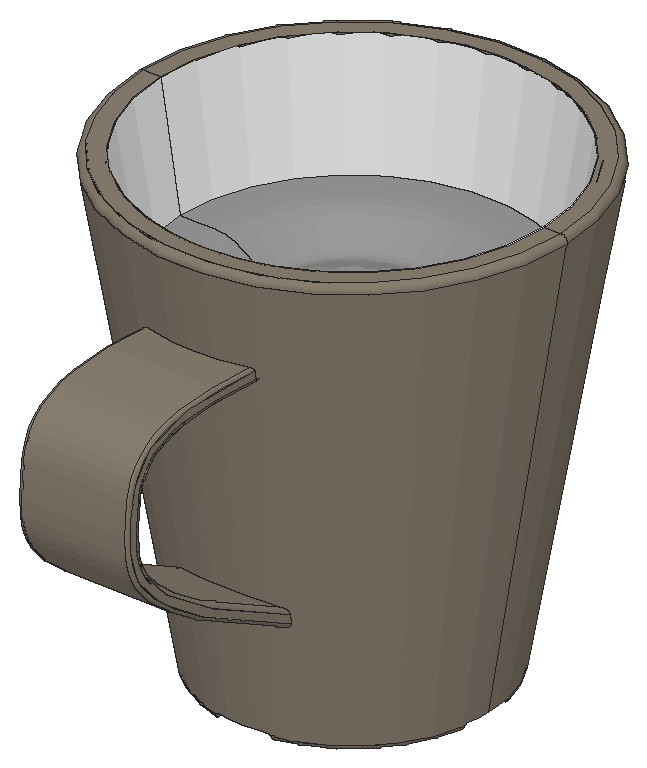
Revit family "Mug", category Generic Models, Revit 2014
Parameters
  Material = Brown Cup
  Liquid Visible = yes
Reference planes (in)
  plane 1 "Center (Front/Back)": y = 0
  plane 2: z = 0
  plane 3 "Center (Left/Right)": x = 0
Forms (in)
  Revolve 1, solid, material "Brown Cup" <- "Material"
    sketch origin (0, 0, 0) x (1, 0, 0) y (0, 0, 1)
      loop
        line (0, 0) -> (0, 3.5) -> (-1.58674, 3.5)
        arc (-1.58674, 3.5) -> (-1.6243, 3.48249) -> (-1.63506, 3.44246) r 0.04906
        line (-1.63506, 3.44246) -> (-1.03743, 0.0347)
        arc (-1.03743, 0.0347) -> (-1.0231, 0.00983) -> (-0.99612, 0) r 0.04194
        line (-0.99612, 0) -> (0, 0)
      axis (0, 3.5) -> (0, 0)
    angle from 0 to 360
  Revolve 2, void
    sketch origin (0, 0, 0) x (1, 0, 0) y (0, 0, 1)
      loop
        line (0, 0.19258) -> (0, 3.62319) -> (-1.28983, 3.62319)
        arc (-1.28983, 3.62319) -> (-1.42554, 3.56023) -> (-1.46509, 3.41594) r 0.17774
        line (-1.46509, 3.41594) -> (-0.93303, 0.25675)
        arc (-0.93303, 0.25675) -> (-0.90684, 0.21077) -> (-0.85715, 0.19258) r 0.07695
        line (-0.85715, 0.19258) -> (0, 0.19258)
      axis (0, 3.62319) -> (0, 0.19258)
    angle from 0 to 360
  Sweep 3, solid, material "Brown Cup" <- "Material"
    path origin (0, 0, 0) x (0, 1, 0) y (0, 0, 1)
      loop
        spline (-1.39616, 2.77612) -> (-1.94696, 2.80103) -> (-2.29894, 2.74912) -> (-2.49741, 2.64022) -> (-2.58771, 2.49416) -> (-2.61515, 2.33077) -> (-2.62286, 2.16902) -> (-2.6131, 2.01227) -> (-2.55234, 1.85012) -> (-2.4058, 1.67175) -> (-2.13872, 1.46629) -> (-1.71634, 1.2229) -> (-1.10389, 0.93075)
    profile origin (0, -2.62286, 2.16902) x (0, 0.999652, -0.02638) y (1, 0, 0)
      loop
        arc (-0.0363, -0.38729) -> (-0.02922, -0.40437) -> (-0.01214, -0.41144) r 0.02415
        line (-0.01214, -0.41144) -> (0.0479, -0.41144)
        arc (0.0479, -0.41144) -> (0.0677, -0.40324) -> (0.07589, -0.38345) r 0.02799
        line (0.07589, -0.38345) -> (0.07589, 0.39248)
        arc (0.07589, 0.39248) -> (0.06698, 0.414) -> (0.04546, 0.42291) r 0.03043
        line (0.04546, 0.42291) -> (-0.01336, 0.42291)
        arc (-0.01336, 0.42291) -> (-0.02958, 0.41619) -> (-0.0363, 0.39997) r 0.02294
        line (-0.0363, 0.39997) -> (-0.0363, -0.38729)
  Revolve 4, solid, material "Water", visible <- "Liquid Visible"
    sketch origin (0, 0, 0) x (1, 0, 0) y (0, 0, 1)
      loop
        line (0, 0.18121) -> (0, 2.60381)
        spline (0, 2.60381) -> (-0.26535, 2.57244) -> (-0.43782, 2.50624) -> (-0.54875, 2.44694) -> (-0.62566, 2.42265) -> (-0.68844, 2.43444) -> (-0.75552, 2.47953) -> (-0.83399, 2.54085) -> (-0.92067, 2.58856) -> (-1.01392, 2.60802) -> (-1.11541, 2.6113) -> (-1.23367, 2.61131) -> (-1.41311, 2.61131)
        line (-1.41311, 2.61131) -> (-0.94075, 0.18121) -> (0, 0.18121)
      axis (0, 2.61131) -> (0, 0.18121)
    angle from 0 to 360
  Revolve 5, solid, material "Cup Lining"
    sketch origin (0, 0, 0) x (1, 0, 0) y (0, 0, 1)
      loop
        line (0, 0.22669) -> (-0.89117, 0.22669)
        arc (-0.89117, 0.22669) -> (-0.91089, 0.23392) -> (-0.92125, 0.25219) r 0.03048
        line (-0.92125, 0.25219) -> (-1.45899, 3.5) -> (-1.49241, 3.48071) -> (-0.94385, 0.16756) -> (0, 0.16756) -> (0, 0.22669)
      axis (0, 3.5) -> (0, 0.16756)
    angle from 0 to 360
  Extrusion 6, void
    sketch origin (0, 0, 0) x (0, 1, 0) y (0, 0, 1)
      loop
        line (0.1972, 0.05338) -> (-0.19159, 0.05338) -> (-0.23108, -0.01501) -> (0.23669, -0.01501) -> (0.1972, 0.05338)
    from -1.11148 to 1.09775
  Extrusion 7, void
    sketch origin (0, 0, 0) x (1, 0, 0) y (0, 0, 1)
      loop
        line (-0.2032, 0.05199) -> (-0.24268, -0.01641) -> (0.22509, -0.01641) -> (0.1856, 0.05199) -> (-0.2032, 0.05199)
    from -1.06146 to 1.05562
  Revolve 8, void
    sketch origin (0, 0, 0) x (1, 0, 0) y (0, 0, 1)
      loop
        line (-0.93832, -0.02501) -> (0, 0) -> (0, 0.1392)
        arc (0, 0.1392) -> (-0.48582, 0.12328) -> (-0.96686, 0.05338) r 4.36016
        line (-0.96686, 0.05338) -> (-0.93832, -0.02501)
      axis (0, 0.1392) -> (0, -0.02501)
    angle from 0 to 360
Cuts and joins
  Revolve 2, Extrusion 6, Extrusion 7, Revolve 8 cuts Revolve 1
Dimensions and locks (in)
  aligned and locked: plane 2 to level
